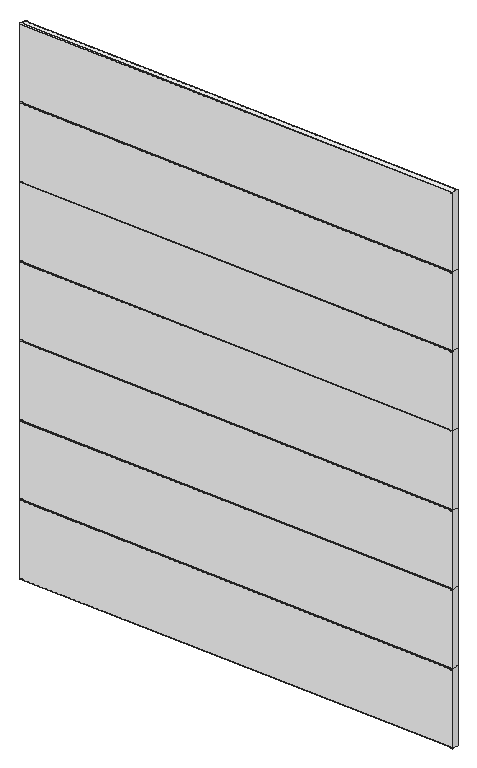
Revit family
Parameters (values of type "By Type")
  Windload = "Doors available rated for various design pressures; consult Clopay for avaialbility and specifications"
  VisSection6 = NumSections = 6  # no
  VisSection5 = NumSections > 4  # yes
  VisSection4 = NumSections > 3  # yes
  VisSection3 = NumSections > 2  # yes
  VisArray = NumSections > 6  # yes
  URL = "www.clopaydoor.com"
  Track = "Galvanized steel (gauge varies according to door size)"
  Thickness = 0' - 2"  # constant formula
  Spec Wizard = "http://www.arcat.com/specwizard/08360clo/index.htm"
  Section Height = Height / NumSections  # 2' - 0"
  Sales Information = "http://www.clopaydoor.com/where-to-buy.aspx?type=dealer"
  Rough Width = 0' - 0"  # constant formula
  Rough Height = 0' - 0"  # constant formula
  R-Value = "9.1"
  Product Features and Benefits = "http://www.clopaydoor.com/insulated-polystyrene-applications.aspx"
  Overlapping Jamb = yes
  Overlap = if(Overlapping Jamb, 0' 1", 0' 0")  # 0' - 1"
  Opening Width = 12' - 0"
  Opening Height = 14' - 0"
  Omniclass Table = "23-30 10 17 37 "
  NumSectionsNotRounded = Height / 2' 0"  # 7
  NumSections = NumSectionsNotRounded + 0.4999  # 7
  NumArraySections = if(NumSections > 6, NumSections - 5, 2)  # 2
  Model = "3220"
  Maximum Size = "Maximum 28' 2'' wide by 26' 0'' high. Additional limitations may apply do to door weight. Consult Clopay for specificiations and shop drawings."  # constant formula
  Manufacturer Website = "http://www.clopaydoor.com"
  Manufacturer Phone Number = "1-800-526-4301"
  Manufacturer Address = "1400 W. Market St., Troy, OH 45373"
  Manufacturer = "Clopay Building Products Company"
  LEED = "http://products.construction.com/swts_content_files/151607/303186.pdf"
  Keynote = "08 36 13"
  Interior Steel = "28 ga. galvanized, primed, and finish painted"
  Hardware = "14 ga. min. steel hinges; 10-ball steel rollers"
  GreenFormat = "http://www.greenformat.com/products/1541-Polystyrene-Insulated-Doors"
  Function = (empty or 0)
  Height = Opening Height + Rough Width * 0  # 14' - 0"
  Wall Closure = (empty or 0)
  Width = Opening Width + Rough Width * 0  # 12' - 0"
  FloorToSection7 = 6 * Section Height  # 12' - 0"
  FloorToSection6 = 5 * Section Height  # 10' - 0"
  FloorToSection5 = 4 * Section Height  # 8' - 0"
  FloorToSection4 = 3 * Section Height  # 6' - 0"
  FloorToSection3 = 2 * Section Height  # 4' - 0"
  FloorToSection2 = Section Height  # 2' - 0"
  File Revision = "01 (Aug, 2012)"
  Enterior Steel = "20 ga. galvanized, primed, and finish painted"
  Double End Stiles = Door Width > 14' 2"  # no
  Door Width = Opening Width + Overlap * 2  # 12' - 2"
  Door Height = Opening Height + Rough Width * 0  # 14' - 0"
  Description = "2'' thick polystyrene insulated, stucco embossed 20 gauge steel flush exterior."
  Core Material = "Expanded polystyrene"
  Copyright = "2010, Clopay Building Products Company, Inc."
  Color = White
  CAD and Specifications = "http://www.clopaydoor.com/insulated-polystyrene-specs.aspx"
  Assembly Code = "B2030410"
Reference planes (in)
  plane 1 "Center (Front/Back)": y = 0
  plane 2 "Center (Left/Right)": x = 0
  plane 3 "Left": x = -72
  plane 4 "Right": x = 72
  plane 5 "Top": z = 168
  plane 6 "Exterior": y = 3
  plane 7 "Interior": y = -3
  plane 8: z = 120
  plane 9: z = 144
Lines and regions (in)
  Opening 1
    outline origin (-90, -3, 0) x (1, 0, 0) y (0, 0, 1)
      loop
        line (18, 0) -> (162, 0) -> (162, 168) -> (18, 168) -> (18, 0)
Text (in)
  text "Exterior" at (-74.96733, 27.31104, 0), in view "Ref. Level"
  text "Interior" at (-74.96733, -25.14366, 0), in view "Ref. Level"
  text "Exterior" at (0, 40.15149, 123.01588), in view "Right"
  text "Interior" at (0, -64.39139, 123.01588), in view "Right"
  text "Interior" at (0, -31.01599, 123.00693), in view "Left"
  text "Exterior" at (0, 54.57065, 123.00693), in view "Left"
Dimensions and locks (in)
  equal spacing: plane 3 "Left", plane 2 "Center (Left/Right)", plane 4 "Right"
  "Height": level to plane 5 "Top"
  "Width": plane 3 "Left" to plane 4 "Right"
  host wall to plane 5 "Top" = 14' - 0"
  nested 1 to plane 7 "Interior" = 0' - 0 1/2"
  "FloorToSection6": plane 8 to level
  "FloorToSection7": plane 9 to level
  group 1 to group 2 = 0' - 0"  (x2)
  group 1 to group 2 = 2' - 0"
  aligned and locked: plane 3 "Left" to Opening 1 sketch curve
  aligned and locked: plane 5 "Top" to Opening 1 sketch curve  (x2)
  aligned and locked: Opening 1 sketch curve to plane 4 "Right"
  aligned and locked: Opening 1 sketch curve to level
  aligned and locked: plane 6 "Exterior" to host wall
  aligned and locked: host wall to plane 7 "Interior"
  aligned and locked: plane 2 "Center (Left/Right)" to nested 2
  aligned and locked: plane 2 "Center (Left/Right)" to nested 3
  aligned and locked: plane 2 "Center (Left/Right)" to nested 4
  aligned and locked: plane 2 "Center (Left/Right)" to nested 6
  aligned and locked: nested 6 to plane 8
  aligned and locked: nested 7 to plane 9
  aligned and locked: plane 2 "Center (Left/Right)" to nested 8
  aligned and locked: plane 7 "Interior" to nested 2
  aligned and locked: plane 7 "Interior" to nested 3
  aligned and locked: plane 7 "Interior" to nested 4  (x2)
  aligned and locked: plane 7 "Interior" to nested 8  (x2)
  aligned and locked: plane 7 "Interior" to nested 7
  aligned and locked: nested 1 to nested 7
  aligned and locked: nested 1 to nested 6
  aligned and locked: host wall to nested 3
Nested families (in)
  nested 1: "3220 Solid Section" at (0, 0, 0), type "Solid"
  nested 2: "3220 Solid Section" at (0, 0, 24), built-in parameter 1001364 <- "Section Height", type "Solid"
  nested 3: "3220 Solid Section" at (0, 0, 120), built-in parameter 1001364 <- "FloorToSection6", visible <- "VisSection6", type "Solid"
  nested 4: "3220 Solid Section" at (0, 0, 96), built-in parameter 1001364 <- "FloorToSection5", visible <- "VisSection5", type "Solid"
  nested 5: "3220 Solid Section" at (0, 0, 72), built-in parameter 1001364 <- "FloorToSection4", visible <- "VisSection4", type "Solid"
  nested 6: "3220 Solid Section" at (0, 0, 120), visible <- "VisArray", type "Solid"
  nested 7: "3220 Solid Section" at (0, 0, 144), visible <- "VisArray", type "Solid"
  nested 8: "3220 Solid Section" at (0, 0, 48), built-in parameter 1001364 <- "FloorToSection3", type "Solid"
Definition of nested family "3220 Solid Section"
  Parameters (values of type "Solid")
    X9 = if(if(NumArrayedWindows < NumWindows, NumArrayedWindows + 1, NumWindows) < 9, X1, X8 + 3' 8")  # 1' - 5 1/2"
    X8 = if(if(NumArrayedWindows < NumWindows, NumArrayedWindows + 1, NumWindows) < 8, X1, X7 + 3' 8")  # 1' - 5 1/2"
    X7 = if(if(NumArrayedWindows < NumWindows, NumArrayedWindows + 1, NumWindows) < 7, X1, X6 + 3' 8")  # 1' - 5 1/2"
    X6 = if(if(NumArrayedWindows < NumWindows, NumArrayedWindows + 1, NumWindows) < 6, X1, X5 + 3' 8")  # 1' - 5 1/2"
    X5 = if(if(NumArrayedWindows < NumWindows, NumArrayedWindows + 1, NumWindows) < 5, X1, X4 + 3' 8")  # 1' - 5 1/2"
    X4 = if(if(NumArrayedWindows < NumWindows, NumArrayedWindows + 1, NumWindows) < 4, X1, X3 + 3' 8")  # 1' - 5 1/2"
    X3 = if(or(NumWindows < 3, SingleWindowVis), X1, X2 + 3' 8")  # 8' - 9 1/2"
    X2 = if(NumWindows < 2, ((Door Width - (NumWindows - 1) * 3' 8") / 2 - Cutout Width / 2), ((Door Width - (NumWindows - 1) * 3' 8") / 2 - Cutout Width / 2) + 3' 8")  # 5' - 1 1/2"
    WindowCutDepth = if(or(Window Type Index = 1, and(Door Width < 7' 8", Window Type Index = 4), and(Window Type Index = 3, Door Width < 7' 0")), -0' 0 13/128", 0' 2")  # -0' - 0 13/128"
    WindowArrayVis = or(and(Window Type Index = 4, Door Width > 7' 6"), and(Window Type Index = 3, Door Width > 6' 8"), and(not(Window Type Index = 1), not(SingleWindowVis), or(Door Width > 7' 7", Window Type Index < 3)))  # no
    Window Type Index = 1
    SingleWindowVis = and(X2 = X1, NumWindows = 3, or(Window Type Index = 3, Window Type Index = 4))  # no
    Section Height = 2' - 0"
    NumWindows = if(Door Width < 9' 4", 2, if(Door Width < 13' 4", 3, if(Door Width < 16' 4", 4, if(Door Width < 20' 4", 5, if(Door Width < 24' 4", 6, if(Door Width < 26' 4", 7, if(Door Width < 31' 8", 8, 10)))))))  # 3
    NumArrayedWindows = if(X2 = X1, if(NumWindows < 4, 2, NumWindows - 2), NumWindows)  # 3
    Half Section Height = Section Height / 2  # 1' - 0"
    Half Door Width Neg = -Half Door Width  # -6' - 1"
    Half Door Width = Door Width / 2  # 6' - 1"
    Half Cutout Height = Cutout Height / 2  # 0' - 6"
    Function = (empty or 0)
    Height = 0' - 0"
    Wall Closure = (empty or 0)
    Width = 0' - 0"
    X1 = if(if(or(Window Type Index = 3, Window Type Index = 4), if(or(and(Door Width < 11' 0", Door Width > 9' 2"), and(Door Width < 15' 3", Door Width > 13' 2")), X2, (Door Width - (NumWindows - 1) * 3' 8") / 2 - Cutout Width / 2), if(or(and(Door Width > 16' 2", Door Width < 16' 7")), X2, (Door Width - (NumWindows - 1) * 3' 8") / 2 - Cutout Width / 2)) < 0' 1", 0' 1", if(or(Window Type Index = 3, Window Type Index = 4), if(or(and(Door Width < 11' 0", Door Width > 9' 2"), and(Door Width < 15' 3", Door Width > 13' 2")), X2, (Door Width - (NumWindows - 1) * 3' 8") / 2 - Cutout Width / 2), if(or(and(Door Width > 16' 2", Door Width < 16' 7")), X2, (Door Width - (NumWindows - 1) * 3' 8") / 2 - Cutout Width / 2)))  # 1' - 5 1/2"
    Door Width = 12' - 2"
    CutoutToCutout = 1' - 0"
    Cutout Width = if(Window Type Index = 4, 3' 2", if(Window Type Index = 3, 2' 2", 1' 11"))  # 1' - 11"
    Cutout Height = if(Window Type Index = 2, 0' 7", 1' 0")  # 1' - 0"
    Color = White
    Assembly Code = ""
  Reference planes (in)
    plane 1 "Center (Front/Back)": y = 0
    plane 2 "Center (Left/Right)": x = 0
    plane 3 "Exterior": y = 3
    plane 4 "Interior": y = -3
    plane 5: y = -3.5
    plane 6: x = 73
    plane 7: x = -73
    plane 8: z = 24
    plane 9: z = 12
    plane 10: z = 0
  Forms (in)
    Extrusion 1, solid, material "White" <- "Color"
      sketch origin (-73, -12, 83.08252) x (0, 0, 1) y (0, -1, 0)
        loop
          line (-59.08252, -8.37573) -> (-59.08252, -6.62444)
          arc (-59.08252, -6.62444) -> (-59.11897, -6.53645) -> (-59.20696, -6.5) r 0.12444
          line (-59.20696, -6.5) -> (-82.95809, -6.5)
          arc (-82.95809, -6.5) -> (-83.04608, -6.53645) -> (-83.08252, -6.62444) r 0.12444
          line (-83.08252, -6.62444) -> (-83.08252, -8.37573)
          arc (-83.08252, -8.37573) -> (-83.04612, -8.4636) -> (-82.95825, -8.5) r 0.12427
          line (-82.95825, -8.5) -> (-59.20679, -8.5)
          arc (-59.20679, -8.5) -> (-59.11892, -8.4636) -> (-59.08252, -8.37573) r 0.12427
      from 0 to 146 <- "Door Width"
    Extrusion 2, void
      sketch origin (-98.15385, -3.5, 48) x (1, 0, 0) y (0, 0, 1)
        loop
          line (153.65385, -30) -> (130.65385, -30) -> (130.65385, -36) -> (153.65385, -36) -> (153.65385, -30)
      from 0 to -0.10156 <- "WindowCutDepth"
    Extrusion 3, void
      sketch origin (-98.15385, -3.5, -24) x (1, 0, 0) y (0, 0, 1)
        loop
          line (153.65385, 30) -> (153.65385, 36) -> (130.65385, 36) -> (130.65385, 30) -> (153.65385, 30)
      from 0 to -0.10156 <- "WindowCutDepth"
    Extrusion 4, void
      sketch origin (-136.15385, -3.5, 48) x (1, 0, 0) y (0, 0, 1)
        loop
          line (147.65385, -30) -> (124.65385, -30) -> (124.65385, -36) -> (147.65385, -36) -> (147.65385, -30)
      from 0 to -0.10156 <- "WindowCutDepth"
    Extrusion 5, void
      sketch origin (-136.15385, -3.5, -24) x (1, 0, 0) y (0, 0, 1)
        loop
          line (147.65385, 30) -> (147.65385, 36) -> (124.65385, 36) -> (124.65385, 30) -> (147.65385, 30)
      from 0 to -0.10156 <- "WindowCutDepth"
    Extrusion 6, void
      sketch origin (-171.15385, -3.5, 48) x (1, 0, 0) y (0, 0, 1)
        loop
          line (138.65385, -30) -> (115.65385, -30) -> (115.65385, -36) -> (138.65385, -36) -> (138.65385, -30)
      from 0 to -0.10156 <- "WindowCutDepth"
    Extrusion 7, void
      sketch origin (-171.15385, -3.5, -24) x (1, 0, 0) y (0, 0, 1)
        loop
          line (138.65385, 30) -> (138.65385, 36) -> (115.65385, 36) -> (115.65385, 30) -> (138.65385, 30)
      from 0 to -0.10156 <- "WindowCutDepth"
    Extrusion 8, void
      sketch origin (-214.15385, -3.5, 48) x (1, 0, 0) y (0, 0, 1)
        loop
          line (269.65385, -30) -> (246.65385, -30) -> (246.65385, -36) -> (269.65385, -36) -> (269.65385, -30)
      from 0 to -0.10156 <- "WindowCutDepth"
    Extrusion 9, void
      sketch origin (-214.15385, -3.5, -24) x (1, 0, 0) y (0, 0, 1)
        loop
          line (269.65385, 30) -> (269.65385, 36) -> (246.65385, 36) -> (246.65385, 30) -> (269.65385, 30)
      from 0 to -0.10156 <- "WindowCutDepth"
    Extrusion 10, void
      sketch origin (-256.15385, -3.5, 48) x (1, 0, 0) y (0, 0, 1)
        loop
          line (311.65385, -30) -> (288.65385, -30) -> (288.65385, -36) -> (311.65385, -36) -> (311.65385, -30)
      from 0 to -0.10156 <- "WindowCutDepth"
    Extrusion 11, void
      sketch origin (-256.15385, -3.5, -24) x (1, 0, 0) y (0, 0, 1)
        loop
          line (311.65385, 30) -> (311.65385, 36) -> (288.65385, 36) -> (288.65385, 30) -> (311.65385, 30)
      from 0 to -0.10156 <- "WindowCutDepth"
    Extrusion 12, void
      sketch origin (-294.15385, -3.5, 48) x (1, 0, 0) y (0, 0, 1)
        loop
          line (349.65385, -30) -> (326.65385, -30) -> (326.65385, -36) -> (349.65385, -36) -> (349.65385, -30)
      from 0 to -0.10156 <- "WindowCutDepth"
    Extrusion 13, void
      sketch origin (-294.15385, -3.5, -24) x (1, 0, 0) y (0, 0, 1)
        loop
          line (349.65385, 30) -> (349.65385, 36) -> (326.65385, 36) -> (326.65385, 30) -> (349.65385, 30)
      from 0 to -0.10156 <- "WindowCutDepth"
    Extrusion 14, void
      sketch origin (-331.15385, -3.5, 48) x (1, 0, 0) y (0, 0, 1)
        loop
          line (386.65385, -30) -> (363.65385, -30) -> (363.65385, -36) -> (386.65385, -36) -> (386.65385, -30)
      from 0 to -0.10156 <- "WindowCutDepth"
    Extrusion 15, void
      sketch origin (-331.15385, -3.5, -24) x (1, 0, 0) y (0, 0, 1)
        loop
          line (386.65385, 30) -> (386.65385, 36) -> (363.65385, 36) -> (363.65385, 30) -> (386.65385, 30)
      from 0 to -0.10156 <- "WindowCutDepth"
    Extrusion 16, void
      sketch origin (-368.15385, -3.5, 48) x (1, 0, 0) y (0, 0, 1)
        loop
          line (423.65385, -30) -> (400.65385, -30) -> (400.65385, -36) -> (423.65385, -36) -> (423.65385, -30)
      from 0 to -0.10156 <- "WindowCutDepth"
    Extrusion 17, void
      sketch origin (-368.15385, -3.5, -24) x (1, 0, 0) y (0, 0, 1)
        loop
          line (423.65385, 30) -> (423.65385, 36) -> (400.65385, 36) -> (400.65385, 30) -> (423.65385, 30)
      from 0 to -0.10156 <- "WindowCutDepth"
    Extrusion 18, void
      sketch origin (-407.15385, -3.5, 48) x (1, 0, 0) y (0, 0, 1)
        loop
          line (462.65385, -30) -> (439.65385, -30) -> (439.65385, -36) -> (462.65385, -36) -> (462.65385, -30)
      from 0 to -0.10156 <- "WindowCutDepth"
    Extrusion 19, void
      sketch origin (-407.15385, -3.5, -24) x (1, 0, 0) y (0, 0, 1)
        loop
          line (462.65385, 30) -> (462.65385, 36) -> (439.65385, 36) -> (439.65385, 30) -> (462.65385, 30)
      from 0 to -0.10156 <- "WindowCutDepth"
  Cuts and joins
    Extrusion 2, Extrusion 3, Extrusion 4, Extrusion 5, Extrusion 6, Extrusion 7, Extrusion 8, Extrusion 9, Extrusion 10, Extrusion 11, Extrusion 12, Extrusion 13, Extrusion 14, Extrusion 15, Extrusion 16, Extrusion 17, Extrusion 18, Extrusion 19 cuts Extrusion 1
  Text (in)
    text "Exterior" at (-74.96733, 27.31104, 0), in view "Ref. Level"
    text "Interior" at (-74.96733, -25.14366, 0), in view "Ref. Level"
    text "Exterior" at (0, 40.15149, 123.01588), in view "Right"
    text "Interior" at (0, -64.39139, 123.01588), in view "Right"
    text "Interior" at (0, -31.01599, 123.00693), in view "Left"
    text "Exterior" at (0, 54.57065, 123.00693), in view "Left"
  Dimensions and locks (in)
    plane 4 "Interior" to plane 5 = 0' - 0 1/2"
    "Half Door Width": plane 2 "Center (Left/Right)" to plane 7
    "Half Door Width": plane 6 to plane 2 "Center (Left/Right)"
    Extrusion 1 sketch curve to Extrusion 1 sketch curve = 0' - 2"
    "Section Height": plane 8 to level
    "Half Section Height": level to plane 9
    "Cutout Width": Extrusion 2 sketch curve to Extrusion 2 sketch curve
    "Half Cutout Height": Extrusion 2 sketch curve to Extrusion 2 sketch curve
    "Cutout Width": Extrusion 3 sketch curve to Extrusion 3 sketch curve
    "Half Cutout Height": Extrusion 3 sketch curve to Extrusion 3 sketch curve
    "X1": cut or joined group 1 (Extrusion 1, Extrusion 2, Extrusion 3, Extrusion 4, Extrusion 5, Extrusion 6, Extrusion 7, Extrusion 8, Extrusion 9, Extrusion 10, Extrusion 11, Extrusion 12, Extrusion 13, Extrusion 14, Extrusion 15, Extrusion 16, Extrusion 17, Extrusion 18, Extrusion 19) to cut or joined group 1
    "Cutout Width": Extrusion 4 sketch curve to Extrusion 4 sketch curve
    "Half Cutout Height": Extrusion 4 sketch curve to Extrusion 4 sketch curve
    "Cutout Width": Extrusion 5 sketch curve to Extrusion 5 sketch curve
    "Half Cutout Height": Extrusion 5 sketch curve to Extrusion 5 sketch curve
    "Cutout Width": Extrusion 6 sketch curve to Extrusion 6 sketch curve
    "Half Cutout Height": Extrusion 6 sketch curve to Extrusion 6 sketch curve
    "Cutout Width": Extrusion 7 sketch curve to Extrusion 7 sketch curve
    "Half Cutout Height": Extrusion 7 sketch curve to Extrusion 7 sketch curve
    "X2": plane 6 to cut or joined group 1
    "X3": plane 6 to cut or joined group 1
    "Cutout Width": Extrusion 8 sketch curve to Extrusion 8 sketch curve
    "Half Cutout Height": Extrusion 8 sketch curve to Extrusion 8 sketch curve
    "Cutout Width": Extrusion 9 sketch curve to Extrusion 9 sketch curve
    "Half Cutout Height": Extrusion 9 sketch curve to Extrusion 9 sketch curve
    "Cutout Width": Extrusion 10 sketch curve to Extrusion 10 sketch curve
    "Half Cutout Height": Extrusion 10 sketch curve to Extrusion 10 sketch curve
    "Cutout Width": Extrusion 11 sketch curve to Extrusion 11 sketch curve
    "Half Cutout Height": Extrusion 11 sketch curve to Extrusion 11 sketch curve
    "Cutout Width": Extrusion 12 sketch curve to Extrusion 12 sketch curve
    "Half Cutout Height": Extrusion 12 sketch curve to Extrusion 12 sketch curve
    "Cutout Width": Extrusion 13 sketch curve to Extrusion 13 sketch curve
    "Half Cutout Height": Extrusion 13 sketch curve to Extrusion 13 sketch curve
    "Cutout Width": Extrusion 14 sketch curve to Extrusion 14 sketch curve
    "Half Cutout Height": Extrusion 14 sketch curve to Extrusion 14 sketch curve
    "Cutout Width": Extrusion 15 sketch curve to Extrusion 15 sketch curve
    "Half Cutout Height": Extrusion 15 sketch curve to Extrusion 15 sketch curve
    "Cutout Width": Extrusion 16 sketch curve to Extrusion 16 sketch curve
    "Half Cutout Height": Extrusion 16 sketch curve to Extrusion 16 sketch curve
    "Cutout Width": Extrusion 17 sketch curve to Extrusion 17 sketch curve
    "Half Cutout Height": Extrusion 17 sketch curve to Extrusion 17 sketch curve
    "Cutout Width": Extrusion 18 sketch curve to Extrusion 18 sketch curve
    "Half Cutout Height": Extrusion 18 sketch curve to Extrusion 18 sketch curve
    "Cutout Width": Extrusion 19 sketch curve to Extrusion 19 sketch curve
    "Half Cutout Height": Extrusion 19 sketch curve to Extrusion 19 sketch curve
    "X4": plane 6 to cut or joined group 1
    "X5": plane 6 to cut or joined group 1
    "X6": plane 6 to cut or joined group 1
    "X7": plane 6 to cut or joined group 1
    "X8": plane 6 to cut or joined group 1
    "X9": plane 6 to cut or joined group 1
    locked: plane 5 to plane 4 "Interior" at 0.5
    radius of Extrusion 1 sketch curve = 0' - 0.12427"  (x2)
    radius of Extrusion 1 sketch curve = 0' - 0.12444"  (x2)
    aligned and locked: Extrusion 1 sketch curve to plane 5
    aligned and locked: Extrusion 2 sketch curve to plane 9
    aligned and locked: plane 9 to Extrusion 3 sketch curve
    aligned and locked: cut or joined group 1 to cut or joined group 1  (x9)
    aligned and locked: plane 10 to level
  Automatic sketch dimensions
    Extrusion 1 sketch curve to level = 0' - 0"
    Extrusion 1 sketch curve to plane 8 = 0' - 0"
    plane 2 "Center (Left/Right)" to Extrusion 2 sketch curve = 2' - 8 1/2"
    plane 2 "Center (Left/Right)" to Extrusion 3 sketch curve = 2' - 8 1/2"
    Extrusion 4 sketch curve to plane 9 = 0' - 0"
    Extrusion 4 sketch curve to plane 2 "Center (Left/Right)" = 0' - 11 1/2"
    Extrusion 5 sketch curve to plane 9 = 0' - 0"
    Extrusion 5 sketch curve to plane 2 "Center (Left/Right)" = 0' - 11 1/2"
    Extrusion 6 sketch curve to plane 9 = 0' - 0"
    Extrusion 6 sketch curve to plane 2 "Center (Left/Right)" = 4' - 7 1/2"
    Extrusion 7 sketch curve to plane 9 = 0' - 0"
    Extrusion 7 sketch curve to plane 2 "Center (Left/Right)" = 4' - 7 1/2"
    Extrusion 8 sketch curve to plane 9 = 0' - 0"
    plane 2 "Center (Left/Right)" to Extrusion 8 sketch curve = 2' - 8 1/2"
    Extrusion 9 sketch curve to plane 9 = 0' - 0"
    plane 2 "Center (Left/Right)" to Extrusion 9 sketch curve = 2' - 8 1/2"
    Extrusion 10 sketch curve to plane 9 = 0' - 0"
    plane 2 "Center (Left/Right)" to Extrusion 10 sketch curve = 2' - 8 1/2"
    Extrusion 11 sketch curve to plane 9 = 0' - 0"
    plane 2 "Center (Left/Right)" to Extrusion 11 sketch curve = 2' - 8 1/2"
    Extrusion 12 sketch curve to plane 9 = 0' - 0"
    plane 2 "Center (Left/Right)" to Extrusion 12 sketch curve = 2' - 8 1/2"
    Extrusion 13 sketch curve to plane 9 = 0' - 0"
    plane 2 "Center (Left/Right)" to Extrusion 13 sketch curve = 2' - 8 1/2"
    Extrusion 14 sketch curve to plane 9 = 0' - 0"
    plane 2 "Center (Left/Right)" to Extrusion 14 sketch curve = 2' - 8 1/2"
    Extrusion 15 sketch curve to plane 9 = 0' - 0"
    plane 2 "Center (Left/Right)" to Extrusion 15 sketch curve = 2' - 8 1/2"
    Extrusion 16 sketch curve to plane 9 = 0' - 0"
    plane 2 "Center (Left/Right)" to Extrusion 16 sketch curve = 2' - 8 1/2"
    Extrusion 17 sketch curve to plane 9 = 0' - 0"
    plane 2 "Center (Left/Right)" to Extrusion 17 sketch curve = 2' - 8 1/2"
    Extrusion 18 sketch curve to plane 9 = 0' - 0"
    plane 2 "Center (Left/Right)" to Extrusion 18 sketch curve = 2' - 8 1/2"
    Extrusion 19 sketch curve to plane 9 = 0' - 0"
    plane 2 "Center (Left/Right)" to Extrusion 19 sketch curve = 2' - 8 1/2"
